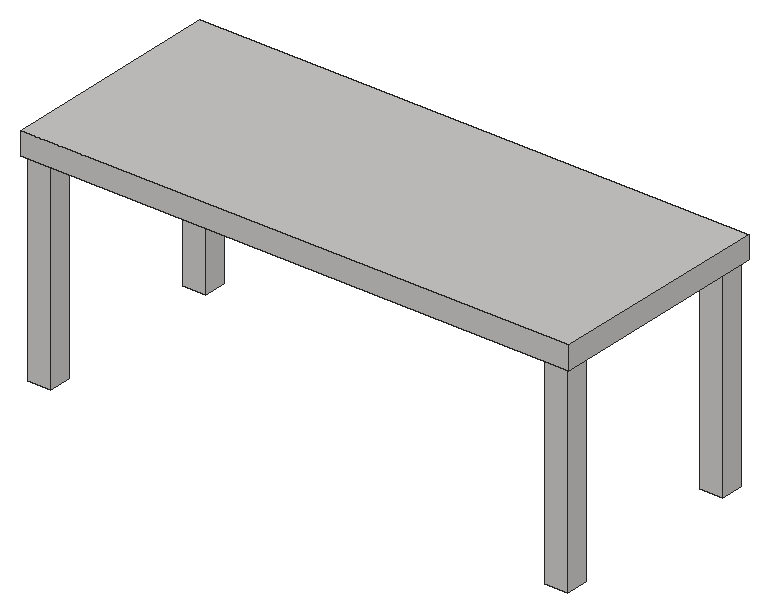
Revit family "QF_ZANUSSI_132988_OSH1L10", category Attrezzature speciali, Revit 2021
Family settings
  Quota connettore circolare = Usa diametro
  Tipo di parte = Normale
  Basato su piano di lavoro = No
  Sempre verticale = Sì
  Taglio con vuoti quando caricato = No
  Condiviso = No
  Punto di calcolo locali = No
Parameters (values of type "Standard")
  Weight = 18.00 kg
  Watts = 550 W
  Volts = 220 V
  URL Manufacturer = "http://www.zanussiprofessional.com"
  URL = "http://www.zanussiprofessional.com"
  Steam Supply Size = 0 mm
  Steam Supply Minimum Pressure = 0.0 Pa
  Steam Supply Maximum Pressure = 0.0 Pa
  Steam Consumption per Hour = 0
  Refrigeration Suction Line Size = 0.0 mm
  Refrigeration Liquid Line Size = 0.0 mm
  Refrigerant Compressor Remote = yes
  Prospetto di default = 0.0 mm
  Phase = 1
  Modello = "OSH1L10"
  Produttore = "Zanussi"
  Length Actual = 975.0 mm  # constant formula
  Item Number = "132988"
  Hot Water Size = 0 mm
  Height Actual = 400.0 mm  # constant formula
  HP = "0.7 HP"
  Gas Size = 0 mm
  Gas KW = 0
  Gas Input Pressure = 0 W
  Direct Waste Size = 0 mm
  Descrizione = "OVERSHELF, LED&CERAMIC, ONE TIER, 1000MM"
  Depth Actual = 400.0 mm  # constant formula
  Cycle = 50 Hz
  Condensate Return Size = 0 mm
  Compressed Air Volume = 0.0 L/s
  Compressed Air Size = 0 mm
  Compressed Air Pressure = 0.0 Pa
  Cold Water Size = 0 mm
  Accessory = yes
Reference planes
  plane 1 "Center (Front/Back)": y = 0
  plane 2: z = 0
  plane 3 "Center (Left/Right)": x = 12.5
  plane 4 "LEFT": x = -475
  plane 5 "RIGHT": x = 500
  plane 6 "BACK": y = 350
  plane 7 "FRONT": y = -50
  plane 8 "Base": z = 1260
  plane 9 "TOP": z = 1300
  plane 10: x = -447.2
  plane 11: x = 472.2
  plane 12: y = 322.2
  plane 13: y = -22.2
  plane 14: z = 900
  plane 15 "HotElemLeft": x = -347.5
  plane 16 "HotElemRight": x = 372.5
  plane 17 "Button": x = 342.5
  plane 18 "Pulsante": through (0, 98.177, 1177.215) normal (0, 0.9659, -0.2588)
  plane 19: x = -317.5
  plane 20 "LedRight": x = 467.5
  plane 21 "LedLeft": x = -442.5
Forms (mm)
  Extrusion 1, solid, material "QF_Finishes_Stainless Steel"
    sketch origin (12.5, 0, 900) x (0, 1, 0) y (0, 0, 1)
      loop
        line (-50, 360) -> (350, 360) -> (350, 400) -> (-50, 400) -> (-50, 360)
    from 487.5 to -487.5
  Extrusion 2, solid, material "QF_Finishes_Stainless Steel"
    sketch origin (-347.5, 0, 0) x (0, 0, -1) y (0, -1, 0)
      loop
        line (-1260, -125) -> (-1260, -175) -> (-1240, -175) -> (-1240, -185) -> (-1177.215, -201.823) -> (-1177.215, -189.823) -> (-1200.196, -170.54) -> (-1200.196, -129.46) -> (-1177.215, -110.177) -> (-1177.215, -98.177) -> (-1240, -115) -> (-1240, -125) -> (-1260, -125)
    from -2 to 0
  Extrusion 3, solid, material "QF_Finishes_Stainless Steel"
    sketch origin (372.5, 0, 0) x (0, 0, -1) y (0, -1, 0)
      loop
        line (-1260, -125) -> (-1260, -175) -> (-1240, -175) -> (-1240, -185) -> (-1177.215, -201.823) -> (-1177.215, -189.823) -> (-1200.196, -170.54) -> (-1200.196, -129.46) -> (-1177.215, -110.177) -> (-1177.215, -98.177) -> (-1240, -115) -> (-1240, -125) -> (-1260, -125)
    from 0 to 2
  Extrusion 4, solid, material "QF_Finishes_Stainless Steel"
    sketch origin (12.5, 0, 0) x (0, 1, 0) y (0, 0, 1)
      loop
        line (175, 1260) -> (125, 1260) -> (125, 1240) -> (115, 1240) -> (98.177, 1177.215) -> (110.177, 1177.215) -> (110.177, 1179.215) -> (100.783, 1179.215) -> (116.535, 1238) -> (127, 1238) -> (127, 1258) -> (173, 1258) -> (173, 1238) -> (183.465, 1238) -> (199.217, 1179.215) -> (189.823, 1179.215) -> (189.823, 1177.215) -> (201.823, 1177.215) -> (185, 1240) -> (175, 1240) -> (175, 1260)
      loop
        line (170.54, 1200.196) -> (170.54, 1202.196) -> (129.46, 1202.196) -> (129.46, 1200.196) -> (170.54, 1200.196)
    from 358 to -358
  Extrusion 5, solid, material "QF_Plastic-Black-Matte"
    sketch origin (80.054, -206.22, 41.192) x (0, -0.258819, -0.965926) y (-1, 0, 0)
      loop
        line (-1235.373, -246.446) -> (-1235.373, -278.446) -> (-1215.373, -278.446) -> (-1215.373, -246.446) -> (-1235.373, -246.446)
      loop
        line (-1233.373, -248.446) -> (-1233.373, -276.446) -> (-1217.373, -276.446) -> (-1217.373, -248.446) -> (-1233.373, -248.446)
    from 0 to -2
  Sweep 6, solid, material "QF_Finishes_Green"
    path origin (80.054, -206.22, 41.192) x (0, -0.258819, -0.965926) y (-1, 0, 0)
      loop
        line (-1233.373, -248.446) -> (-1217.373, -248.446)
    profile origin (328.5, 110.93, 1224.811) x (-1, 0, 0) y (0, 0.965926, -0.258819)
      loop
        line (0, 0) -> (-28, 0) -> (-28, -2) -> (-14, -2) -> (-2.294, -8) -> (0, 0)
  Extrusion 7, solid, material "QF_Finishes_Light"
    sketch origin (12.5, 0, 0) x (0, 1, 0) y (0, 0, 1)
      loop
        arc (175.262, 1176.834) -> (179.051, 1178.162) -> (178.135, 1182.071) r 3.003
        arc (178.135, 1182.071) -> (168.398, 1186.322) -> (158.051, 1188.738) r 58.388
        line (158.051, 1188.738) -> (158.051, 1200.196) -> (141.949, 1200.196) -> (141.949, 1189.541)
        arc (141.949, 1189.541) -> (131.603, 1187.125) -> (121.866, 1182.874) r 58.388
        arc (121.866, 1182.874) -> (120.548, 1178.491) -> (124.821, 1176.854) r 3.362
        arc (124.821, 1176.854) -> (150.044, 1183.315) -> (175.262, 1176.834) r 52.386
    from -330 to 330
  Extrusion 8, void
    sketch origin (12.5, 0, 0) x (0, 1, 0) y (0, 0, 1)
      loop
        line (297.2, 1260) -> (297.2, 1270) -> (277.2, 1270) -> (277.2, 1260) -> (297.2, 1260)
    from -455 to 455
  Extrusion 9, solid, material "QF_Finishes_Light"
    sketch origin (12.5, 0, 0) x (0, 1, 0) y (0, 0, 1)
      loop
        line (297.2, 1270) -> (277.2, 1270) -> (277.2, 1260) -> (297.2, 1260) -> (297.2, 1270)
    from -455 to 455
Cuts and joins
  Extrusion 8 cuts Extrusion 1
Lines and regions (mm)
  symbolic lines
    curve 1: line (500, 350, 1300) -> (-475, 350, 1300)
    curve 2: line (-475, 350, 1300) -> (-475, -50, 1300)
    curve 3: line (-475, -50, 1300) -> (500, -50, 1300)
    curve 4: line (500, -50, 1300) -> (500, 350, 1300)
    curve 5: line (-475, -50, 1300) -> (500, 350, 1300)
  symbolic lines, style "SpecialityEquipmentHiddenLines"
    curve 6: line (-467.2, -2.2, 1300) -> (-427.2, -2.2, 1300)
    curve 7: line (-427.2, -2.2, 1300) -> (-427.2, -42.2, 1300)
    curve 8: line (-427.2, -42.2, 1300) -> (-467.2, -42.2, 1300)
    curve 9: line (-467.2, -42.2, 1300) -> (-467.2, -2.2, 1300)
    curve 10: line (-467.2, 342.2, 1300) -> (-427.2, 342.2, 1300)
    curve 11: line (-427.2, 342.2, 1300) -> (-427.2, 302.2, 1300)
    curve 12: line (-427.2, 302.2, 1300) -> (-467.2, 302.2, 1300)
    curve 13: line (-467.2, 302.2, 1300) -> (-467.2, 342.2, 1300)
    curve 14: line (452.2, 342.2, 1300) -> (492.2, 342.2, 1300)
    curve 15: line (492.2, 342.2, 1300) -> (492.2, 302.2, 1300)
    curve 16: line (492.2, 302.2, 1300) -> (452.2, 302.2, 1300)
    curve 17: line (452.2, 302.2, 1300) -> (452.2, 342.2, 1300)
    curve 18: line (452.2, -2.2, 1300) -> (492.2, -2.2, 1300)
    curve 19: line (492.2, -2.2, 1300) -> (492.2, -42.2, 1300)
    curve 20: line (492.2, -42.2, 1300) -> (452.2, -42.2, 1300)
    curve 21: line (452.2, -42.2, 1300) -> (452.2, -2.2, 1300)
Dimensions and locks
  plane 4 "LEFT" to plane 5 "RIGHT" = 975.0 mm
  equal spacing: plane 4 "LEFT", plane 3 "Center (Left/Right)", plane 5 "RIGHT"
  plane 4 "LEFT" to plane 10 = 27.8 mm
  plane 11 to plane 5 "RIGHT" = 27.8 mm
  plane 10 to plane 11 = 919.4 mm
  plane 6 "BACK" to plane 12 = 27.8 mm
  plane 13 to plane 7 "FRONT" = 27.8 mm
  plane 6 "BACK" to plane 7 "FRONT" = 400.0 mm
  plane 12 to plane 13 = 344.4 mm
  plane 6 "BACK" to plane 1 "Center (Front/Back)" to plane 7 "FRONT" = 350.0 mm, 50.0 mm
  plane 14 to level = 900.0 mm
  locked: plane 8 "Base" to plane 14 at 360
  locked: plane 9 "TOP" to plane 14 at 400
  plane 3 "Center (Left/Right)" to plane 15 "HotElemLeft" = 360.0 mm
  plane 16 "HotElemRight" to plane 3 "Center (Left/Right)" = 360.0 mm
  locked: plane 17 "Button" to plane 16 "HotElemRight" at 30
  locked: plane 15 "HotElemLeft" to plane 19 at 30
  plane 3 "Center (Left/Right)" to plane 21 "LedLeft" = 455.0 mm
  plane 20 "LedRight" to plane 3 "Center (Left/Right)" = 455.0 mm
  aligned and locked: level to plane 2
  aligned and locked: plane 10 to nested 1
  aligned and locked: nested 1 to plane 13
  aligned and locked: plane 11 to nested 2
  aligned and locked: nested 2 to plane 13
  aligned and locked: plane 11 to nested 4
  aligned and locked: nested 4 to plane 12
  aligned and locked: plane 10 to nested 3
  aligned and locked: nested 3 to plane 12
  aligned and locked: Extrusion 1 to plane 4 "LEFT"
  aligned and locked: plane 5 "RIGHT" to Extrusion 1
  aligned and locked: curve 2 to plane 4 "LEFT"
  aligned and locked: plane 15 "HotElemLeft" to Extrusion 2
  aligned and locked: Extrusion 3 to plane 16 "HotElemRight"
  aligned and locked: Extrusion 4 to Extrusion 2
  aligned and locked: Extrusion 4 to Extrusion 3
  aligned and locked: plane 17 "Button" to Sweep 6
  aligned and locked: Extrusion 7 to plane 19
  aligned and locked: plane 17 "Button" to Extrusion 7
  aligned and locked: cut or joined group of Extrusion 1, Extrusion 8 to plane 21 "LedLeft"
  aligned and locked: plane 20 "LedRight" to cut or joined group of Extrusion 1, Extrusion 8
  aligned and locked: Extrusion 9 to plane 21 "LedLeft"
  aligned and locked: plane 20 "LedRight" to Extrusion 9
Automatic sketch dimensions
  curve 4 to plane 5 "RIGHT" = 0.0 mm
  curve 4 to plane 7 "FRONT" = 0.0 mm
  curve 4 to plane 6 "BACK" = 0.0 mm
  plane 7 "FRONT" to curve 20 = 7.8 mm
  plane 7 "FRONT" to curve 9 = 7.8 mm
  plane 1 "Center (Front/Back)" to curve 6 = 2.2 mm
  plane 1 "Center (Front/Back)" to curve 21 = 2.2 mm
  curve 11 to plane 12 = 20.0 mm
  curve 17 to plane 12 = 20.0 mm
  curve 15 to plane 6 "BACK" = 7.8 mm
  curve 13 to plane 6 "BACK" = 7.8 mm
  curve 19 to plane 5 "RIGHT" = 7.8 mm
  curve 15 to plane 5 "RIGHT" = 7.8 mm
  curve 16 to plane 11 = 20.0 mm
  curve 18 to plane 11 = 20.0 mm
  plane 10 to curve 11 = 20.0 mm
  plane 10 to curve 6 = 20.0 mm
  plane 4 "LEFT" to curve 9 = 7.8 mm
  plane 4 "LEFT" to curve 10 = 7.8 mm
  Extrusion 1 sketch curve to plane 7 "FRONT" = 0.0 mm
  Extrusion 1 sketch curve to plane 6 "BACK" = 0.0 mm
  Extrusion 1 sketch curve to plane 8 "Base" = 0.0 mm
  Extrusion 1 sketch curve to plane 9 "TOP" = 0.0 mm
  Extrusion 2 sketch curve to plane 8 "Base" = 0.0 mm
  Extrusion 2 sketch curve to plane 8 "Base" = 20.0 mm  (x2)
  Extrusion 2 sketch curve to Extrusion 2 sketch curve = 39.804 mm
  Extrusion 2 sketch curve to Extrusion 2 sketch curve = 22.981 mm  (x2)
  Extrusion 2 sketch curve to plane 12 = 120.377 mm
  Extrusion 2 sketch curve to Extrusion 2 sketch curve = 12.0 mm  (x2)
  Extrusion 2 sketch curve to Extrusion 2 sketch curve = 4.823 mm
  Extrusion 2 sketch curve to Extrusion 2 sketch curve = 10.0 mm  (x2)
  Extrusion 2 sketch curve to Extrusion 2 sketch curve = 19.284 mm  (x2)
  Extrusion 2 sketch curve to Extrusion 2 sketch curve = 41.079 mm
  Extrusion 2 sketch curve to Extrusion 2 sketch curve = 50.0 mm
  Extrusion 3 sketch curve to plane 8 "Base" = 0.0 mm
  Extrusion 3 sketch curve to Extrusion 3 sketch curve = 20.0 mm
  Extrusion 3 sketch curve to plane 8 "Base" = 20.0 mm
  Extrusion 3 sketch curve to Extrusion 3 sketch curve = 39.804 mm
  Extrusion 3 sketch curve to Extrusion 3 sketch curve = 22.981 mm  (x2)
  Extrusion 3 sketch curve to plane 12 = 120.377 mm
  Extrusion 3 sketch curve to Extrusion 3 sketch curve = 12.0 mm  (x2)
  Extrusion 3 sketch curve to Extrusion 3 sketch curve = 4.823 mm
  Extrusion 3 sketch curve to Extrusion 3 sketch curve = 10.0 mm  (x2)
  Extrusion 3 sketch curve to Extrusion 3 sketch curve = 19.284 mm  (x2)
  Extrusion 3 sketch curve to Extrusion 3 sketch curve = 41.079 mm
  Extrusion 3 sketch curve to Extrusion 3 sketch curve = 50.0 mm
  plane 17 "Button" to Extrusion 5 sketch curve = 16.0 mm
  Extrusion 5 sketch curve to Extrusion 5 sketch curve = 20.0 mm
  Extrusion 5 sketch curve to Extrusion 5 sketch curve = 32.0 mm
  Extrusion 5 sketch curve to Extrusion 5 sketch curve = 2.0 mm  (x4)
  Sweep 6 sketch curve to plane 17 "Button" = 14.0 mm
  Sweep 6 sketch curve to Sweep 6 sketch curve = 16.0 mm
  plane 18 "Pulsante" to Sweep 6 sketch curve = 0.0 mm
  Sweep 6 sketch curve to profile plane = 0.0 mm
  Sweep 6 sketch curve to plane 18 "Pulsante" = 2.0 mm
  profile plane to Sweep 6 sketch curve = 14.0 mm
  Sweep 6 sketch curve to Sweep 6 sketch curve = 14.0 mm
  profile plane to Sweep 6 sketch curve = 2.294 mm
  Sweep 6 sketch curve to plane 18 "Pulsante" = 8.0 mm
  Extrusion 7 sketch curve to Extrusion 7 sketch curve = 0.021 mm
  Extrusion 7 sketch curve to plane 1 "Center (Front/Back)" = 123.566 mm
  Extrusion 7 sketch curve to Extrusion 7 sketch curve = 18.383 mm
  Extrusion 7 sketch curve to Extrusion 7 sketch curve = 16.102 mm
  Extrusion 7 sketch curve to Extrusion 7 sketch curve = 18.367 mm
  Extrusion 7 sketch curve to plane 8 "Base" = 129.071 mm
  Extrusion 7 sketch curve to Extrusion 7 sketch curve = 1.7 mm
  Extrusion 7 sketch curve to Extrusion 7 sketch curve = 1.255 mm
  Extrusion 7 sketch curve to Extrusion 7 sketch curve = 1.156 mm
  Extrusion 7 sketch curve to Extrusion 7 sketch curve = 1.717 mm
  Extrusion 7 sketch curve to Extrusion 7 sketch curve = 3.119 mm
  Extrusion 7 sketch curve to Extrusion 7 sketch curve = 0.023 mm
  Extrusion 7 sketch curve to Extrusion 7 sketch curve = 25.18 mm
  Extrusion 7 sketch curve to Extrusion 7 sketch curve = 48.677 mm
  Extrusion 7 sketch curve to Extrusion 7 sketch curve = 11.458 mm
  Extrusion 7 sketch curve to Extrusion 7 sketch curve = 0.024 mm
  Extrusion 7 sketch curve to Extrusion 7 sketch curve = 0.782 mm
  Extrusion 7 sketch curve to Extrusion 7 sketch curve = 0.367 mm
  plane 18 "Pulsante" to Extrusion 4 sketch curve = 0.0 mm  (x2)
  Extrusion 4 sketch curve to plane 8 "Base" = 0.0 mm
  Extrusion 4 sketch curve to plane 8 "Base" = 82.785 mm
  Extrusion 4 sketch curve to Extrusion 4 sketch curve = 2.606 mm  (x2)
  Extrusion 4 sketch curve to Extrusion 4 sketch curve = 9.394 mm  (x2)
  Extrusion 4 sketch curve to plane 8 "Base" = 20.0 mm  (x2)
  Extrusion 4 sketch curve to Extrusion 4 sketch curve = 1.535 mm  (x2)
  Extrusion 4 sketch curve to Extrusion 4 sketch curve = 8.465 mm  (x2)
  Extrusion 4 sketch curve to Extrusion 4 sketch curve = 2.0 mm  (x6)
  Extrusion 4 sketch curve to Extrusion 4 sketch curve = 19.284 mm  (x2)
  Extrusion 4 sketch curve to plane 8 "Base" = 22.0 mm
  Extrusion 4 sketch curve to Extrusion 4 sketch curve = 46.0 mm
  Extrusion 4 sketch curve to Extrusion 4 sketch curve = 6.358 mm
  Extrusion 4 sketch curve to Extrusion 4 sketch curve = 60.785 mm
  Extrusion 4 sketch curve to Extrusion 4 sketch curve = 20.981 mm
  Extrusion 4 sketch curve to plane 8 "Base" = 2.0 mm
  Extrusion 8 sketch curve to plane 8 "Base" = 0.0 mm
  plane 8 "Base" to Extrusion 8 sketch curve = 10.0 mm
  Extrusion 8 sketch curve to plane 12 = 45.0 mm
  Extrusion 8 sketch curve to Extrusion 8 sketch curve = 20.0 mm
  Extrusion 9 sketch curve to plane 8 "Base" = 0.0 mm
  plane 8 "Base" to Extrusion 9 sketch curve = 10.0 mm
  Extrusion 9 sketch curve to plane 12 = 45.0 mm
  Extrusion 9 sketch curve to Extrusion 9 sketch curve = 20.0 mm
Nested families
  nested 1: "FEET_40x40_H360" at (-447.2, -22.2, 900), type "FEET_40x40_H360"
  nested 2: "FEET_40x40_H360" at (472.2, -22.2, 900), type "FEET_40x40_H360"
  nested 3: "FEET_40x40_H360" at (-447.2, 322.2, 900), type "FEET_40x40_H360"
  nested 4: "FEET_40x40_H360" at (472.2, 322.2, 900), type "FEET_40x40_H360"
Connectors
  electrical at (342.5, 108.998, 1225.328), driven by "Volts"
    settings: on Extrusion 5, index 1, voltage 220 V, apparent load 0 VA, apparent load phase1 0 VA, apparent load phase2 0 VA, apparent load phase3 0 VA, power factor 1, load classification "Other", number of poles 1, system type 30, power factor state 1, is connector primary yes, connector utility no, sub classification motor no, connector description "Electrical Connection"
Definition of nested family "FEET_40x40_H360"
  Parameters
    Default Elevation = 0.0 mm
    FEET = 360.0 mm
  Reference planes
    plane 1 "Center (Front/Back)": y = 0
    plane 2: z = 0
    plane 3 "Center (Left/Right)": x = 0
    plane 4: z = 360
  Forms (mm)
    Extrusion 1, solid
      sketch origin (0, 0, 0) x (1, 0, 0) y (0, 1, 0)
        loop
          line (-20, -20) -> (20, -20) -> (20, 20) -> (-20, 20) -> (-20, -20)
      from 0 to 360
  Lines and regions (mm)
    symbolic lines
      curve 1: line (0, -1.503, 0) -> (0, 1.508, 0)
      curve 2: line (1.561, 0, 0) -> (-1.439, 0, 0)
  Dimensions and locks
    "FEET": plane 4 to plane 2
    aligned and locked: level to plane 2
  Automatic sketch dimensions
    plane 1 "Center (Front/Back)" to curve 2 = 0.0 mm
    curve 1 to plane 3 "Center (Left/Right)" = 0.0 mm
    curve 2 to plane 3 "Center (Left/Right)" = 1.439 mm
    plane 3 "Center (Left/Right)" to curve 2 = 1.561 mm
    plane 1 "Center (Front/Back)" to curve 1 = 1.503 mm
    curve 1 to plane 1 "Center (Front/Back)" = 1.508 mm
    Extrusion 1 sketch curve to plane 3 "Center (Left/Right)" = 20.0 mm
    plane 3 "Center (Left/Right)" to Extrusion 1 sketch curve = 20.0 mm
    plane 1 "Center (Front/Back)" to Extrusion 1 sketch curve = 20.0 mm
    Extrusion 1 sketch curve to plane 1 "Center (Front/Back)" = 20.0 mm
